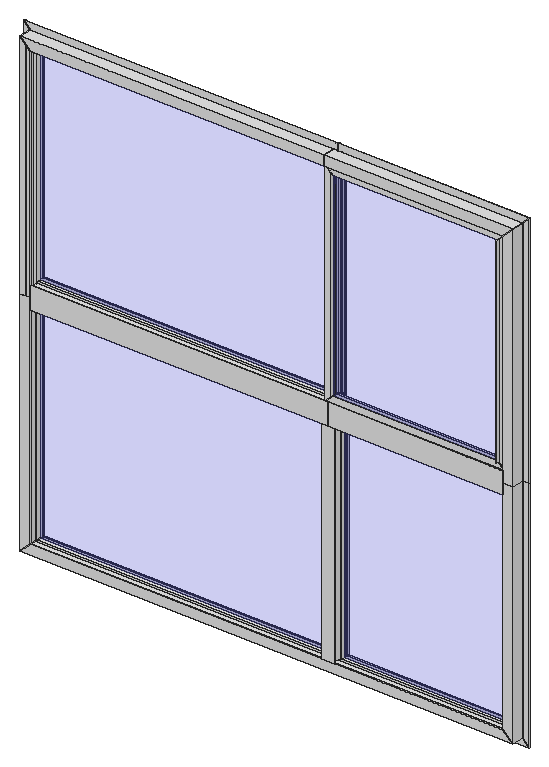
Revit family "531_XOAT_stucco-key", category Windows, host Wall, Revit 2016 (continued)
Automatic sketch dimensions
  Extrusion 7 sketch curve to plane 18 = 0.12403"
  Extrusion 7 sketch curve to Extrusion 7 sketch curve = 0.03778"
  plane 23 to Extrusion 7 sketch curve = 0.03141"
  Extrusion 7 sketch curve to plane 26 "Front of glass" = 0.00003"
  Extrusion 7 sketch curve to plane 24 = 0.03671"
  Extrusion 7 sketch curve to plane 26 "Front of glass" = 0.03953"
  Extrusion 7 sketch curve to plane 26 "Front of glass" = 0.40343"
  Extrusion 7 sketch curve to plane 26 "Front of glass" = 0.41355"
  Extrusion 7 sketch curve to Extrusion 7 sketch curve = 0.10002"
  Extrusion 7 sketch curve to Extrusion 7 sketch curve = 0.744"
  Extrusion 7 sketch curve to Extrusion 7 sketch curve = 0.1"
  Extrusion 7 sketch curve to Extrusion 7 sketch curve = 0.44998"
  Extrusion 7 sketch curve to Extrusion 7 sketch curve = 0.47397"
  Extrusion 7 sketch curve to Extrusion 7 sketch curve = 0.0395"
  Extrusion 7 sketch curve to Extrusion 7 sketch curve = 0.37545"
  Extrusion 7 sketch curve to Extrusion 7 sketch curve = 0.07"
  Extrusion 8 sketch curve to Extrusion 8 sketch curve = 0.2"
  Extrusion 8 sketch curve to plane 22 = 0.2499"
  Extrusion 8 sketch curve to Extrusion 8 sketch curve = 0.12438"
  plane 22 to Extrusion 8 sketch curve = 0.5001"
  plane 20 to Extrusion 8 sketch curve = 0.431"
  plane 20 to Extrusion 8 sketch curve = 0.439"
  Extrusion 8 sketch curve to Extrusion 8 sketch curve = 0.02526"
  Extrusion 8 sketch curve to Extrusion 8 sketch curve = 0.07"
  host wall to Extrusion 8 sketch curve = 0.065"
  plane 26 "Front of glass" to Extrusion 8 sketch curve = 0.3065"
  Extrusion 8 sketch curve to plane 26 "Front of glass" = 0.3785"
  Extrusion 8 sketch curve to Extrusion 8 sketch curve = 0.065"
  Extrusion 8 sketch curve to host wall = 0.185"
  Extrusion 8 sketch curve to Extrusion 8 sketch curve = 0.65"
  Extrusion 8 sketch curve to Extrusion 8 sketch curve = 0.374"
  Extrusion 8 sketch curve to Extrusion 8 sketch curve = 0.0395"
  Extrusion 8 sketch curve to Extrusion 8 sketch curve = 0.2425"
  Extrusion 8 sketch curve to Extrusion 8 sketch curve = 0.37545"
  Extrusion 8 sketch curve to Extrusion 8 sketch curve = 0.06205"
  plane 26 "Front of glass" to Extrusion 9 sketch curve = 0"
  Extrusion 9 sketch curve to plane 26 "Front of glass" = 0.0395"
  Extrusion 9 sketch curve to plane 26 "Front of glass" = 0.3785"
  plane 17 to Extrusion 9 sketch curve = 0.12457"
  Extrusion 9 sketch curve to plane 26 "Front of glass" = 0.40341"
  Extrusion 9 sketch curve to Extrusion 9 sketch curve = 0.065"
  host wall to Extrusion 9 sketch curve = 0.065"
  Extrusion 9 sketch curve to Extrusion 9 sketch curve = 0.6125"
  Extrusion 9 sketch curve to Extrusion 9 sketch curve = 0.2"  (x2)
  Extrusion 9 sketch curve to plane 17 = 0.15543"
  Extrusion 9 sketch curve to plane 17 = 0.43833"
  Extrusion 9 sketch curve to Extrusion 9 sketch curve = 0.02526"
  Extrusion 9 sketch curve to plane 17 = 0.50033"
  plane 26 "Front of glass" to Extrusion 10 sketch curve = 0"  (x2)
  Extrusion 10 sketch curve to plane 26 "Front of glass" = 0.03672"
  Extrusion 10 sketch curve to plane 26 "Front of glass" = 0.0395"
  Extrusion 10 sketch curve to Extrusion 10 sketch curve = 0.36668"
  Extrusion 10 sketch curve to plane 26 "Front of glass" = 0.40341"
  Extrusion 10 sketch curve to Extrusion 10 sketch curve = 0.04009"
  Extrusion 10 sketch curve to host wall = 0.1225"  (x2)
  Extrusion 10 sketch curve to Extrusion 10 sketch curve = 0.6125"  (x2)
  Extrusion 10 sketch curve to Extrusion 10 sketch curve = 1 1/2"  (x2)
  Extrusion 10 sketch curve to plane 21 = 0.155"
  Extrusion 10 sketch curve to Extrusion 10 sketch curve = 0.2"
  plane 24 to Extrusion 10 sketch curve = 0.40662"
  Extrusion 10 sketch curve to Extrusion 10 sketch curve = 0.02526"  (x2)
  plane 24 to Extrusion 10 sketch curve = 0.06152"
  Extrusion 10 sketch curve to plane 21 = 0.438"
  Extrusion 10 sketch curve to Extrusion 10 sketch curve = 0.345"
  plane 26 "Front of glass" to Extrusion 11 sketch curve = 0"
  Extrusion 11 sketch curve to plane 26 "Front of glass" = 0.0395"
  Extrusion 11 sketch curve to plane 26 "Front of glass" = 0.3785"
  Extrusion 11 sketch curve to Extrusion 11 sketch curve = 0.36391"
  Extrusion 11 sketch curve to Extrusion 11 sketch curve = 0.04009"
  host wall to Extrusion 11 sketch curve = 0.065"
  Extrusion 11 sketch curve to host wall = 0.1225"
  Extrusion 11 sketch curve to Extrusion 11 sketch curve = 0.6125"
  Extrusion 11 sketch curve to Extrusion 11 sketch curve = 0.2"  (x2)
  Extrusion 11 sketch curve to Extrusion 11 sketch curve = 0.02526"
  plane 22 to Extrusion 11 sketch curve = 0.155"
  Extrusion 11 sketch curve to plane 22 = 0.1249"
  plane 3 "Left" to Extrusion 31 sketch curve = 2.69619"
  plane 16 to Extrusion 31 sketch curve = 0.52881"
  Extrusion 31 sketch curve to plane 17 = 1.65424"
  Extrusion 31 sketch curve to plane 6 "Head" = 2.69619"
  plane 3 "Left" to Extrusion 32 sketch curve = 1.45876"
  Extrusion 32 sketch curve to plane 17 = 1.14167"
  plane 16 to Extrusion 32 sketch curve = 0.01624"
  Extrusion 32 sketch curve to plane 6 "Head" = 1.45876"
  plane 15 to Extrusion 33 sketch curve = 0.163"
  plane 3 "Left" to Extrusion 33 sketch curve = 3.1"
  Extrusion 33 sketch curve to plane 17 = 0.50043"
  plane 13 to Extrusion 33 sketch curve = 0.78"
  plane 3 "Left" to Extrusion 34 sketch curve = 1.34835"
  Extrusion 34 sketch curve to plane 17 = 1.25208"
  plane 5 "Sill" to Extrusion 34 sketch curve = 1.34835"
  Extrusion 34 sketch curve to plane 12 = 1.25265"
  plane 3 "Left" to Extrusion 35 sketch curve = 2"
  Extrusion 35 sketch curve to plane 17 = 1.71791"
  plane 5 "Sill" to Extrusion 35 sketch curve = 2"
  Extrusion 35 sketch curve to plane 12 = 1.71847"
  plane 24 to Extrusion 36 sketch curve = 1.72042"
  Extrusion 36 sketch curve to plane 21 = 1.936"
  plane 5 "Sill" to Extrusion 36 sketch curve = 1.1"
  Extrusion 36 sketch curve to plane 12 = 0.501"
  plane 20 to Extrusion 37 sketch curve = 0.66629"
  Extrusion 37 sketch curve to plane 4 "Right" = 1.81231"
  plane 5 "Sill" to Extrusion 37 sketch curve = 1.81231"
  Extrusion 37 sketch curve to plane 12 = 1.78869"
  plane 20 to Extrusion 38 sketch curve = 0.26985"
  Extrusion 38 sketch curve to plane 4 "Right" = 1.45876"
  plane 5 "Sill" to Extrusion 38 sketch curve = 1.45876"
  Extrusion 38 sketch curve to plane 12 = 1.39224"
  Extrusion 39 sketch curve to plane 24 = 0"
  plane 18 to Extrusion 39 sketch curve = 0.12593"
  plane 21 to Extrusion 39 sketch curve = 0.09355"
  Extrusion 39 sketch curve to plane 21 = 1.28633"
  plane 16 to Extrusion 39 sketch curve = 1/2"
  plane 14 to Extrusion 39 sketch curve = 1/2"
  Extrusion 39 sketch curve to plane 6 "Head" = 1.64467"
  plane 18 to Extrusion 40 sketch curve = 0.16397"
  plane 21 to Extrusion 40 sketch curve = 0.09358"
  Extrusion 40 sketch curve to plane 21 = 0.90642"
  plane 13 to Extrusion 40 sketch curve = 1/2"
  Extrusion 40 sketch curve to plane 25 = 0.501"
  Extrusion 40 sketch curve to plane 15 = 1/2"
  plane 20 to Extrusion 42 sketch curve = 1.19091"
  plane 16 to Extrusion 42 sketch curve = 1.18731"
  Extrusion 42 sketch curve to plane 4 "Right" = 2.50984"
  Extrusion 42 sketch curve to plane 6 "Head" = 2.50984"
  plane 20 to Extrusion 43 sketch curve = 1.26076"
  Extrusion 43 sketch curve to plane 4 "Right" = 3 3/4"
  plane 16 to Extrusion 43 sketch curve = 1.25715"
  Extrusion 43 sketch curve to plane 6 "Head" = 3 3/4"
  plane 20 to Extrusion 44 sketch curve = 0.89381"
  plane 22 to Extrusion 44 sketch curve = 0.5001"
  Extrusion 44 sketch curve to Extrusion 44 sketch curve = 0.0406"
  plane 13 to Extrusion 44 sketch curve = 1/2"
  Extrusion 44 sketch curve to plane 25 = 0.501"
  Extrusion 44 sketch curve to plane 15 = 0.89281"
  plane 20 to Extrusion 45 sketch curve = 1.15612"
  plane 22 to Extrusion 45 sketch curve = 0.5001"
  Extrusion 45 sketch curve to plane 4 "Right" = 0.99316"
  plane 13 to Extrusion 45 sketch curve = 0.9894"
  Extrusion 45 sketch curve to plane 25 = 0.5416"
  Extrusion 45 sketch curve to plane 15 = 1.15512"
  plane 18 to Extrusion 50 sketch curve = 0.12593"
  plane 21 to Extrusion 50 sketch curve = 0.09358"
  plane 16 to Extrusion 50 sketch curve = 7/8"
  Extrusion 50 sketch curve to Extrusion 50 sketch curve = 0.37504"
  plane 14 to Extrusion 50 sketch curve = 1/2"
  Extrusion 51 sketch curve to plane 24 = 0"
  plane 18 to Extrusion 51 sketch curve = 0.16397"
  plane 21 to Extrusion 51 sketch curve = 0.09358"
  Extrusion 51 sketch curve to plane 25 = 0.501"
  Extrusion 51 sketch curve to plane 15 = 1/2"
  plane 13 to Extrusion 52 sketch curve = 1/2"
  Extrusion 52 sketch curve to plane 25 = 0.501"
  curve 39 to curve 37 = 2 1/2"  (x2)
  curve 39 to curve 38 = 2 1/2"
  curve 37 to curve 39 = 0"
  curve 33 to curve 40 = 1 1/2"
  curve 33 to curve 41 = 2 1/2"
  curve 48 to curve 46 = 2 1/2"
  curve 46 to curve 47 = 2 1/2"
  curve 48 to curve 46 = 0"
  curve 46 to curve 48 = 0"
  curve 42 to curve 49 = 1 1/2"
  curve 42 to curve 50 = 2 1/2"
  curve 54 to curve 55 = 1 1/2"
  curve 51 to curve 56 = 2 1/2"
  curve 59 to curve 58 = 0"
  curve 59 to curve 59 = 2 1/2"
  curve 58 to curve 57 = 2 1/2"  (x2)
  curve 59 to curve 58 = 2 1/2"  (x2)
  curve 58 to curve 57 = 0"
  plane 20 to curve 60 = 1.9544"
  curve 63 to curve 67 = 2 1/2"
  curve 68 to curve 63 = 2"
  curve 71 to curve 70 = 0"
  curve 72 to curve 76 = 2 1/2"
  curve 77 to curve 72 = 2"
  curve 80 to curve 79 = 0"
  curve 81 to curve 85 = 2 1/2"
  curve 86 to curve 84 = 2"
  curve 89 to curve 88 = 0"
  Extrusion 9 sketch curve to host wall = 0.1225"
  plane 24 to Extrusion 10 sketch curve = 0.36988"
  Extrusion 11 sketch curve to Extrusion 11 sketch curve = 0.345"
  Extrusion 11 sketch curve to Extrusion 11 sketch curve = 0.46326"
  Extrusion 6 sketch curve to plane 17 = 0.46326"
  plane 21 to Extrusion 7 sketch curve = 0.13033"
  Extrusion 7 sketch curve to Extrusion 7 sketch curve = 0.2425"
  Extrusion 8 sketch curve to Extrusion 8 sketch curve = 0.744"
  Extrusion 2 sketch curve to Extrusion 2 sketch curve = 0.501"
  Extrusion 3 sketch curve to Extrusion 3 sketch curve = 0.46326"
  Extrusion 3 sketch curve to Extrusion 3 sketch curve = 1/2"
  Extrusion 49 sketch curve to host wall = 0.1225"
  Extrusion 49 sketch curve to plane 26 "Front of glass" = 0"
  Extrusion 4 sketch curve to plane 26 "Front of glass" = 0"
  plane 13 to Extrusion 4 sketch curve = 1/2"
  plane 13 to Extrusion 4 sketch curve = 0.46326"
  Extrusion 4 sketch curve to Extrusion 4 sketch curve = 0.2425"
  Extrusion 4 sketch curve to Extrusion 4 sketch curve = 0.744"
  Extrusion 48 sketch curve to Extrusion 48 sketch curve = 0.744"
  Extrusion 5 sketch curve to Extrusion 5 sketch curve = 0.2425"
  Extrusion 5 sketch curve to Extrusion 5 sketch curve = 0.744"
  Extrusion 5 sketch curve to Extrusion 5 sketch curve = 1/2"
Types (119): name | Vbs | MLW | Interior Color | Height | HBS | Exterior Color | Width
  (no name) | 36" | 5 5/8" | White | 90" | 45" | White | 96"
  48x36 | 24" | 2 1/4" | none | 36" | 18" | none | 48"
  72x60 | 36" | 3 3/4" | none | 60" | 30" | none | 72"
  24x24Min | 12" | 1 1/2" | none | 24" | 12" | none | 24"
  96x96Max | 36" | 6" | none | 96" | 48" | none | 96"
  36x36 | 18" | 2 1/4" | none | 36" | 18" | none | 36"
  60x60 | 30" | 3 3/4" | none | 60" | 30" | none | 60"
  84x84 | 36" | 5 1/4" | none | 84" | 42" | none | 84"
  24x30 | 12" | 1 7/8" | none | 30" | 15" | none | 24"
  24x36 | 12" | 2 1/4" | none | 36" | 18" | none | 24"
  24x42 | 12" | 2 5/8" | none | 42" | 21" | none | 24"
  24x48 | 12" | 3" | none | 48" | 24" | none | 24"
  24x54 | 12" | 3 3/8" | none | 54" | 27" | none | 24"
  24x60 | 12" | 3 3/4" | none | 60" | 30" | none | 24"
  30x24 | 15" | 1 1/2" | none | 24" | 12" | none | 30"
  30x36 | 15" | 2 1/4" | none | 36" | 18" | none | 30"
  30x42 | 15" | 2 5/8" | none | 42" | 21" | none | 30"
  30x48 | 15" | 3" | none | 48" | 24" | none | 30"
  30x54 | 15" | 3 3/8" | none | 54" | 27" | none | 30"
  30x60 | 15" | 3 3/4" | none | 60" | 30" | none | 30"
  30x66 | 15" | 4 1/8" | none | 66" | 33" | none | 30"
  30x72 | 15" | 4 1/2" | none | 72" | 36" | none | 30"
  36x30 | 18" | 1 7/8" | none | 30" | 15" | none | 36"
  36x42 | 18" | 2 5/8" | none | 42" | 21" | none | 36"
  36x54 | 18" | 3 3/8" | none | 54" | 27" | none | 36"
  36x48 | 18" | 3" | none | 48" | 24" | none | 36"
  36x60 | 18" | 3 3/4" | none | 60" | 30" | none | 36"
  36x66 | 18" | 4 1/8" | none | 66" | 33" | none | 36"
  36x72 | 18" | 4 1/2" | none | 72" | 36" | none | 36"
  42x30 | 21" | 1 7/8" | none | 30" | 15" | none | 42"
  42x36 | 21" | 2 1/4" | none | 36" | 18" | none | 42"
  42x42 | 21" | 2 5/8" | none | 42" | 21" | none | 42"
  42x48 | 21" | 3" | none | 48" | 24" | none | 42"
  42x54 | 21" | 3 3/8" | none | 54" | 27" | none | 42"
  42x60 | 21" | 3 3/4" | none | 60" | 30" | none | 42"
  42x66 | 21" | 4 1/8" | none | 66" | 33" | none | 42"
  42x72 | 21" | 4 1/2" | none | 72" | 36" | none | 42"
  42x78 | 21" | 4 7/8" | none | 78" | 39" | none | 42"
  48x42 | 24" | 2 5/8" | none | 42" | 21" | none | 48"
  48x48 | 24" | 3" | none | 48" | 24" | none | 48"
  48x54 | 24" | 3 3/8" | none | 54" | 27" | none | 48"
  48x60 | 24" | 3 3/4" | none | 60" | 30" | none | 48"
  48x66 | 24" | 4 1/8" | none | 66" | 33" | none | 48"
  48x72 | 24" | 4 1/2" | none | 72" | 36" | none | 48"
  48x78 | 24" | 4 7/8" | none | 78" | 39" | none | 48"
  48x84 | 24" | 5 1/4" | none | 84" | 42" | none | 48"
  54x36 | 27" | 2 1/4" | none | 36" | 18" | none | 54"
  54x42 | 27" | 2 5/8" | none | 42" | 21" | none | 54"
  54x48 | 27" | 3" | none | 48" | 24" | none | 54"
  54x54 | 27" | 3 3/8" | none | 54" | 27" | none | 54"
  54x60 | 27" | 3 3/4" | none | 60" | 30" | none | 54"
  54x66 | 27" | 4 1/8" | none | 66" | 33" | none | 54"
  54x72 | 27" | 4 1/2" | none | 72" | 36" | none | 54"
  54x78 | 27" | 4 7/8" | none | 78" | 39" | none | 54"
  54x84 | 27" | 5 1/4" | none | 84" | 42" | none | 54"
  54x90 | 27" | 5 5/8" | none | 90" | 45" | none | 54"
  60x42 | 30" | 2 5/8" | none | 42" | 21" | none | 60"
  60x48 | 30" | 3" | none | 48" | 24" | none | 60"
  60x54 | 30" | 3 3/8" | none | 54" | 27" | none | 60"
  60x66 | 30" | 4 1/8" | none | 66" | 33" | none | 60"
  60x72 | 30" | 4 1/2" | none | 72" | 36" | none | 60"
  60x78 | 30" | 4 7/8" | none | 78" | 39" | none | 60"
  60x84 | 30" | 5 1/4" | none | 84" | 42" | none | 60"
  60x90 | 30" | 5 5/8" | none | 90" | 45" | none | 60"
  60x96 | 30" | 6" | none | 96" | 48" | none | 60"
  66x42 | 30" | 2 5/8" | none | 42" | 21" | none | 66"
  66x48 | 30" | 3" | none | 48" | 24" | none | 66"
  66x54 | 30" | 3 3/8" | none | 54" | 27" | none | 66"
  66x60 | 30" | 3 3/4" | none | 60" | 30" | none | 66"
  66x66 | 30" | 4 1/8" | none | 66" | 33" | none | 66"
  66x72 | 30" | 4 1/2" | none | 72" | 36" | none | 66"
  66x78 | 30" | 4 7/8" | none | 78" | 39" | none | 66"
  66x84 | 30" | 5 1/4" | none | 84" | 42" | none | 66"
  66x90 | 30" | 5 5/8" | none | 90" | 45" | none | 66"
  66x96 | 30" | 6" | none | 96" | 48" | none | 66"
  72x42 | 36" | 2 5/8" | none | 42" | 21" | none | 72"
  72x48 | 36" | 3" | none | 48" | 24" | none | 72"
  72x54 | 36" | 3 3/8" | none | 54" | 27" | none | 72"
  72x66 | 36" | 4 1/8" | none | 66" | 33" | none | 72"
  72x72 | 36" | 4 1/2" | none | 72" | 36" | none | 72"
  72x78 | 36" | 4 7/8" | none | 78" | 39" | none | 72"
  72x84 | 36" | 5 1/4" | none | 84" | 42" | none | 72"
  72x90 | 36" | 5 5/8" | none | 90" | 45" | none | 72"
  72x96 | 36" | 6" | none | 96" | 48" | none | 72"
  78x42 | 36" | 2 5/8" | none | 42" | 21" | none | 78"
  78x48 | 36" | 3" | none | 48" | 24" | none | 78"
  78x54 | 36" | 3 3/8" | none | 54" | 27" | none | 78"
  78x60 | 36" | 3 3/4" | none | 60" | 30" | none | 78"
  78x66 | 36" | 4 1/8" | none | 66" | 33" | none | 78"
  78x72 | 36" | 4 1/2" | none | 72" | 36" | none | 78"
  78x78 | 36" | 4 7/8" | none | 78" | 39" | none | 78"
  78x84 | 36" | 5 1/4" | none | 84" | 42" | none | 78"
  78x90 | 36" | 5 5/8" | none | 90" | 45" | none | 78"
  78x96 | 36" | 6" | none | 96" | 48" | none | 78"
  84x48 | 36" | 3" | none | 48" | 24" | none | 84"
  84x54 | 36" | 3 3/8" | none | 54" | 27" | none | 84"
  84x60 | 36" | 3 3/4" | none | 60" | 30" | none | 84"
  84x66 | 36" | 4 1/8" | none | 66" | 33" | none | 84"
  84x72 | 36" | 4 1/2" | none | 72" | 36" | none | 84"
  84x78 | 36" | 4 7/8" | none | 78" | 39" | none | 84"
  84x90 | 36" | 5 5/8" | none | 90" | 45" | none | 84"
  84x96 | 36" | 6" | none | 96" | 48" | none | 84"
  90x48 | 36" | 3" | none | 48" | 24" | none | 90"
  90x54 | 36" | 3 3/8" | none | 54" | 27" | none | 90"
  90x60 | 36" | 3 3/4" | none | 60" | 30" | none | 90"
  90x66 | 36" | 4 1/8" | none | 66" | 33" | none | 90"
  90x72 | 36" | 4 1/2" | none | 72" | 36" | none | 90"
  90x78 | 36" | 4 7/8" | none | 78" | 39" | none | 90"
  90x84 | 36" | 5 1/4" | none | 84" | 42" | none | 90"
  90x90 | 36" | 5 5/8" | none | 90" | 45" | none | 90"
  90x96 | 36" | 6" | none | 96" | 48" | none | 90"
  96x48 | 36" | 3" | none | 48" | 24" | none | 96"
  96x54 | 36" | 3 3/8" | none | 54" | 27" | none | 96"
  96x60 | 36" | 3 3/4" | none | 60" | 30" | none | 96"
  96x66 | 36" | 4 1/8" | none | 66" | 33" | none | 96"
  96x72 | 36" | 4 1/2" | none | 72" | 36" | none | 96"
  96x78 | 36" | 4 7/8" | none | 78" | 39" | none | 96"
  96x84 | 36" | 5 1/4" | none | 84" | 42" | none | 96"
  96x90 | 36" | 5 5/8" | White | 90" | 45" | White | 96"
